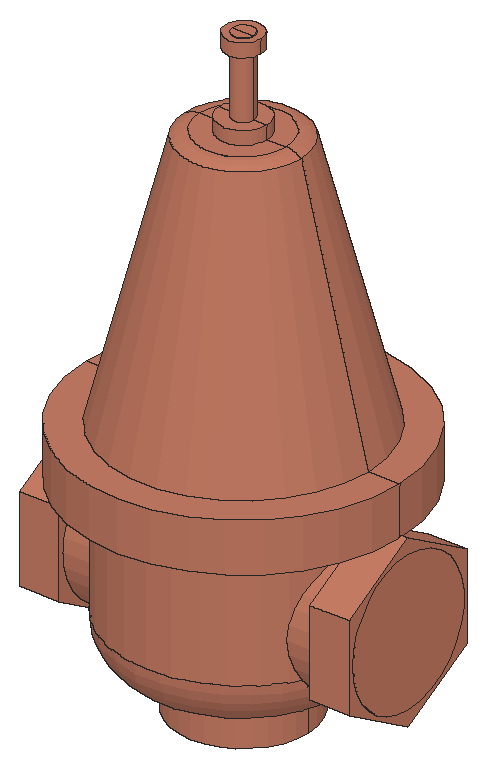
Revit family "Water_Pressure_Reducing_Valves-Super_Capacity-WATTS-LFN223B_Series", category Pipe Accessories, Revit 2014
Parameters (values of type "2-1/2" LFN223B")
  URL = "http://www.watts.com"
  Region = "North America"  # constant formula
  Product Page URL = "http://www.watts.com/pages/_products_details.asp?pid=6817"
  Product Documentation Link = "http://media.wattswater.com/ES-LFN223B.pdf"
  Out_Extrude_Dist = -3.890"
  Out_Dist = 3.890"
  Model = "LFN223B"
  Max. Working Pressure = "300psi (20.7 bar)\r"  # constant formula
  Material = "Lead Free-WATTS-Cast Copper Silicon Alloy"  # constant formula
  Manufacturer Product Line = "Water Safety & Flow Control"  # constant formula
  Manufacturer = "WATTS"
  Length = 7.875"
  Installation Instructions = "http://www.watts.com/pdf/1911438.pdf"
  In_Extrude_Dist = 3.890"
  In_Dist = 3.890"
  Flow_Rad = 1.660"
  Flow Rate = "See Specification Sheet"
  Description = "Series LFN223B, LFN223BS Lead Free* High Capacity Water Pressure Reducing Valves are used in commercial, industrial, and institutional applications to reduce incoming water pressure for protection of plumbing system components and to reduce water consumption. It consists of a triple-coated corrosion preventative Lead Free* cast copper silicon alloy body construction, an enlarged diaphragm, spring cage and seat orifice for super capacity performance, sealed spring cage for waterworks pit installations and thermal expansion bypass.  Available with NPT threaded female inlet x NPT threaded female outlet with (LFN223BS) or without (LFN223B) strainer. Maximum Working Pressure: 300psi (21 bar), Adjustable Reduced Pressure Range: 25 to 75psi (172 to 517 kPa), Standard Pressure Setting: 50psi (345 kPa)."  # constant formula
  Country = "United States"  # constant formula
  Connection_Rad = 1 1/4"
  Connection Type = "2-1/2\" Female NPT"
  Connection Size = Connection_Rad * 2  # 2.500"
  Cage_Top_Rad = 1.030"
  Cage_Hieght = 6.250"
  Cage_Flange_Thk = 1.165"
  Cage_Flange_Rad = 3.750"
  Cage_Fillet = 0.630"
  Cage_Dist = 3.115"
  Cage_Btm_Rad = 3.000"
  Cage_Boss_Rad = 0.568"
  Cage_Boss_Hieght = 0.310"
  Btm_Plug_Rad = 1.560"
  Btm_Plug_Dist = 0.892"
  Body_Rad = 2.880"
  Body_Hex_Out_Dist = -0.940"
  Body_Hex_In_Dist = 0.940"
  Body_Hex_AF = 1.750"
  Body_Hex_AC = 2.020"
  Body_Fillet = 1.190"
  Body_Btm_Dist = 2.100"
  Adjusting_Screw_WP = Cage_Dist + Cage_Hieght + Cage_Boss_Hieght + Adjusting_Screw_Hieght  # 11.475"
  Adjusting_Screw_Rad = 0.249"
  Adjusting_Screw_Hieght = 1.800"
  Adjusting_Screw_Head_Hieght = -0.320"
  Adjusting_Screw_Head_AC = 0.430"
Types (3): name | Out_Extrude_Dist | Out_Dist | Length | In_Extrude_Dist | In_Dist | Flow_Rad | Connection_Rad | Connection Type | Connection Size | Cage_Top_Rad | Cage_Hieght | Cage_Flange_Thk | Cage_Flange_Rad | Cage_Fillet | Cage_Dist | Cage_Btm_Rad | Cage_Boss_Rad | Cage_Boss_Hieght | Btm_Plug_Rad | Btm_Plug_Dist | Body_Rad | Body_Hex_Out_Dist | Body_Hex_In_Dist | Body_Hex_AF | Body_Hex_AC | Body_Fillet | Body_Btm_Dist | Adjusting_Screw_WP | Adjusting_Screw_Rad | Adjusting_Screw_Hieght | Adjusting_Screw_Head_Hieght | Adjusting_Screw_Head_AC
  (no name) | -3.890" | 3.890" | 7.875" | 3.890" | 3.890" | 1.660" | 1 1/4" | "2-1/2\" Female NPT" | 2.500" | 1.030" | 6.250" | 1.165" | 3.750" | 0.630" | 3.115" | 3.000" | 0.568" | 0.310" | 1.560" | 0.892" | 2.880" | -0.940" | 0.940" | 1.750" | 2.020" | 1.190" | 2.100" | 11.475" | 0.249" | 1.800" | -0.320" | 0.430"
  2-1/2" LFN223B | -3.890" | 3.890" | 7.875" | 3.890" | 3.890" | 1.660" | 1 1/4" | "2-1/2\" Female NPT" | 2.500" | 1.030" | 6.250" | 1.165" | 3.750" | 0.630" | 3.115" | 3.000" | 0.568" | 0.310" | 1.560" | 0.892" | 2.880" | -0.940" | 0.940" | 1.750" | 2.020" | 1.190" | 2.100" | 11.475" | 0.249" | 1.800" | -0.320" | 0.430"
  3" LFN223B | -5.320" | 5.320" | 10.500" | 5.320" | 5.320" | 2.375" | 1 1/2" | "3\" Female NPT" | 3.000" | 1.570" | 7.260" | 1.315" | 4.875" | 0.500" | 3.785" | 3.750" | 1.000" | 0.930" | 2.125" | 0.900" | 2.580" | -1.100" | 1.100" | 2.375" | 2.740" | 0.120" | 2.920" | 14.975" | 0.495" | 3.000" | -0.590" | 0.860"
Reference planes (in)
  plane 1 "Center (Front/Back)": y = 0
  plane 2: z = 0
  plane 3 "Center (Left/Right)": x = 0
  plane 4 "ADJ_SCREW": z = 11.475
  plane 5: x = -2.9975
  plane 6: x = 2.9975
  plane 7: y = 1.75
  plane 8: y = -1.75
  plane 9: x = -3.9375
  plane 10: x = 3.9375
Forms (in)
  Revolve 1, solid, material "Lead Free-WATTS-Cast Copper Silicon Alloy"
    sketch origin (0, 0, 0) x (1, 0, 0) y (0, 0, 1)
      loop
        line (0, 3.115) -> (-3.75, 3.115) -> (-3.75, 1.95) -> (-2.88, 1.95) -> (-2.88, -0.91)
        arc (-2.88, -0.91) -> (-2.53146, -1.75146) -> (-1.69, -2.1) r 1.19
        line (-1.69, -2.1) -> (-1.56, -2.1) -> (-1.56, -2.992) -> (0, -2.992) -> (0, 3.115)
      axis (0, 3.115) -> (0, -2.992)
    angle from 0 to 360
  Revolve 2, solid, material "Lead Free-WATTS-Cast Copper Silicon Alloy"
    sketch origin (0, 0, 0) x (1, 0, 0) y (0, 0, 1)
      loop
        line (-3, 3.115) -> (0, 3.115) -> (0, 11.475) -> (-0.249, 11.475) -> (-0.249, 9.675) -> (-0.568, 9.675) -> (-0.568, 9.365) -> (-1.03, 9.365)
        arc (-1.03, 9.365) -> (-1.22154, 9.33518) -> (-1.39495, 9.24853) r 0.63
        line (-1.39495, 9.24853) -> (-3, 3.115)
      axis (0, 11.475) -> (0, 3.115)
    angle from 0 to 360
  Extrusion 3, solid, material "Lead Free-WATTS-Cast Copper Silicon Alloy"
    sketch origin (0, 0, 11.475) x (-1, 0, 0) y (0, -1, 0)
      loop
        circle (0, 0) r 0.43
    from 0 to -0.32 <- "Adjusting_Screw_Head_Hieght"
  Extrusion 4, solid, material "Lead Free-WATTS-Cast Copper Silicon Alloy"
    sketch origin (-3.9375, 0, 0) x (0, 0, 1) y (0, -1, 0)
      loop
        line (1.01109, -1.75) -> (2.02, 0) -> (1.01109, 1.75) -> (-1.01109, 1.75) -> (-2.02, 0) -> (-1.01109, -1.75) -> (1.01109, -1.75)
    from 0 to 0.94 <- "Body_Hex_In_Dist"
  Extrusion 5, solid, material "Lead Free-WATTS-Cast Copper Silicon Alloy"
    sketch origin (3.9375, 0, 0) x (0, 0, 1) y (0, -1, 0)
      loop
        line (-1.01109, 1.75) -> (-2.02, 0) -> (-1.01109, -1.75) -> (1.01109, -1.75) -> (2.02, 0) -> (1.01109, 1.75) -> (-1.01109, 1.75)
    from 0 to -0.94 <- "Body_Hex_Out_Dist"
  Extrusion 6, solid, material "Lead Free-WATTS-Cast Copper Silicon Alloy"
    sketch origin (-3.9375, 0, 0) x (0, 0, 1) y (0, -1, 0)
      loop
        circle (0, 0) r 1.66
    from 7.875 to 0
Lines and regions (in)
  Masking region 1, detail levels fine
    outline origin (0, 0, 11.475) x (-1, 0, 0) y (0, -1, 0)
      loop
        line (3.31662, -1.75) -> (3.9375, -1.75) -> (3.9375, 1.75) -> (3.31662, 1.75)
        arc (3.31662, 1.75) -> (0.7323, 3.6778) -> (-2.39335, 2.88693) r 3.75
        line (-2.39335, 2.88693) -> (-3.9375, 2.88693) -> (-3.9375, -1.75) -> (-3.31662, -1.75)
        arc (-3.31662, -1.75) -> (0, -3.75) -> (3.31662, -1.75) r 3.75
  symbolic lines, detail levels fine
    curve 1: circle (0, 0, 11.475) r 3.75 normal (0, 0, -1)
    curve 2: circle (0, 0, 11.475) r 2.88 normal (0, 0, -1)
    curve 3: circle (0, 0, 11.475) r 1.39495 normal (0, 0, -1)
    curve 4: circle (0, 0, 11.475) r 0.43 normal (0, 0, 1)
  model lines, detail levels coarse+medium
    curve 5: line (-2.9975, 1.75, 0) -> (-2.9975, -1.75, 0)
    curve 6: line (2.9975, 1.75, 0) -> (2.9975, -1.75, 0)
    curve 7: line (-2.9975, 1.75, 0) -> (2.9975, -1.75, 0)
    curve 8: line (2.9975, 1.75, 0) -> (-2.9975, -1.75, 0)
    curve 9: line (-2.9975, 0, 0) -> (-3.9375, 0, 0)
    curve 10: line (2.9975, 0, 0) -> (3.9375, 0, 0)
Dimensions and locks (in)
  "Adjusting_Screw_WP": plane 4 "ADJ_SCREW" to level
  "Cage_Flange_Rad": plane 3 "Center (Left/Right)" to Revolve 1 sketch curve
  "Btm_Plug_Rad": plane 3 "Center (Left/Right)" to Revolve 1 sketch curve
  "Body_Rad": plane 3 "Center (Left/Right)" to Revolve 1 sketch curve
  "Cage_Dist": Revolve 1 sketch curve to level
  "Cage_Flange_Thk": Revolve 1 sketch curve to Revolve 1 sketch curve
  "Body_Btm_Dist": level to Revolve 1 sketch curve
  "Btm_Plug_Dist": Revolve 1 sketch curve to Revolve 1 sketch curve
  "Cage_Hieght": Revolve 2 sketch curve to Revolve 1
  "Cage_Boss_Hieght": Revolve 2 sketch curve to Revolve 2 sketch curve
  "Cage_Btm_Rad": plane 3 "Center (Left/Right)" to Revolve 2 sketch curve
  "Cage_Top_Rad": Revolve 2 sketch curve to Revolve 2 sketch curve
  "Cage_Boss_Rad": plane 3 "Center (Left/Right)" to Revolve 2 sketch curve
  "Adjusting_Screw_Rad": plane 3 "Center (Left/Right)" to Revolve 2 sketch curve
  "Adjusting_Screw_Hieght": Revolve 2 sketch curve to Revolve 2 sketch curve
  "Body_Hex_AF": Extrusion 4 sketch curve to plane 1 "Center (Front/Back)"
  "Body_Hex_AF": plane 1 "Center (Front/Back)" to Extrusion 4 sketch curve  (x5)
  "Body_Hex_AC": level to Extrusion 4 sketch curve
  "Body_Hex_AC": Extrusion 4 sketch curve to level
  "Body_Hex_AF": plane 1 "Center (Front/Back)" to plane 7
  "Body_Hex_AF": plane 1 "Center (Front/Back)" to plane 8
  "Length": plane 9 to plane 10
  equal spacing: plane 9, plane 3 "Center (Left/Right)", plane 10
  "Body_Hex_In_Dist": plane 9 to plane 5
  "Body_Hex_In_Dist": plane 6 to plane 10
  "Body_Fillet": radius of Revolve 1 sketch curve
  "Cage_Fillet": radius of Revolve 2 sketch curve
  "Adjusting_Screw_Head_AC": radius of Extrusion 3 sketch curve
  "Flow_Rad": radius of Extrusion 6 sketch curve
  aligned and locked: plane 3 "Center (Left/Right)" to Revolve 1 sketch curve
  aligned and locked: Revolve 1 sketch curve to Revolve 1 sketch curve
  aligned and locked: Revolve 2 sketch curve to plane 3 "Center (Left/Right)"
  aligned and locked: Revolve 2 sketch curve to Revolve 1
  aligned and locked: Revolve 2 sketch curve to Revolve 2 sketch curve
  aligned and locked: Extrusion 4 to Extrusion 5 sketch curve
  aligned and locked: Extrusion 5 sketch curve to Extrusion 4  (x5)
  aligned and locked: Masking region 1 sketch curve to Revolve 1  (x2)
  aligned and locked: Extrusion 4 to Masking region 1 sketch curve
  aligned and locked: Masking region 1 sketch curve to Extrusion 4  (x2)
  aligned and locked: curve 1 to Revolve 1
  aligned and locked: curve 2 to Revolve 1
  aligned and locked: curve 3 to Revolve 2
  aligned and locked: curve 4 to Extrusion 3
  aligned and locked: plane 7 to curve 8
  aligned and locked: plane 8 to curve 7
  aligned and locked: plane 7 to curve 7
  aligned and locked: plane 8 to curve 8
  aligned and locked: plane 2 to Extrusion 6 sketch curve
  aligned and locked: plane 1 "Center (Front/Back)" to Extrusion 6 sketch curve
  aligned and locked: Extrusion 4 to plane 9
  aligned and locked: Extrusion 5 to plane 10
  aligned and locked: Extrusion 6 to plane 10
  aligned and locked: Extrusion 4 to Extrusion 6
Automatic sketch dimensions
  Revolve 1 sketch curve to Revolve 1 sketch curve = 0.000"  (x2)
  Revolve 2 sketch curve to plane 4 "ADJ_SCREW" = 0.000"
  Revolve 2 sketch curve to Revolve 2 sketch curve = 0.36495"
  Revolve 2 sketch curve to Revolve 2 sketch curve = 0.000"
  Extrusion 3 sketch curve to plane 1 "Center (Front/Back)" = 0.000"
  Extrusion 3 sketch curve to plane 3 "Center (Left/Right)" = 0.000"
  Extrusion 4 sketch curve to plane 1 "Center (Front/Back)" = 0.000"  (x2)
  plane 1 "Center (Front/Back)" to curve 9 = 0.000"
  curve 5 to plane 5 = 0.000"
  curve 6 to plane 6 = 0.000"
  plane 1 "Center (Front/Back)" to curve 10 = 0.000"
  curve 9 to plane 5 = 0.940"
  curve 10 to curve 10 = 0.940"
  Masking region 1 sketch curve to plane 7 = 0.000"
  Masking region 1 sketch curve to plane 10 = 0.000"
  plane 6 to Masking region 1 sketch curve = 0.60415"
Connectors (in)
  piping at (-3.9375, 0, 0), diameter 2.5, driven by "Connection_Rad"
    settings: on Extrusion 6, index 1, connector inside diameter 24", connector length 0.000", flow factor 0, pipe flow 0 GPM, pressure drop 0.00 psi, fitting loss kfactor 0, connector angle 0.00°, fixture units 0, engagement length 0.000", angle of deflection 0.00°, flow configuration 0, flow direction 1, fitting loss method 0, system type 29, joint type 0, gender type 0, connector reference index -1, connector utility 0, adjustable connector no, is connector primary yes, connector description "Inlet Connection"
  piping at (3.9375, 0, 0), diameter 2.5, driven by "Connection_Rad"
    settings: on Extrusion 6, index 2, connector inside diameter 24", connector length 0.000", flow factor 0, pipe flow 0 GPM, pressure drop 0.00 psi, fitting loss kfactor 0, connector angle 0.00°, fixture units 0, engagement length 0.000", angle of deflection 0.00°, flow configuration 0, flow direction 2, fitting loss method 0, system type 29, joint type 0, gender type 0, connector reference index -1, connector utility 0, adjustable connector no, is connector primary no, connector description "Outlet Connection"
